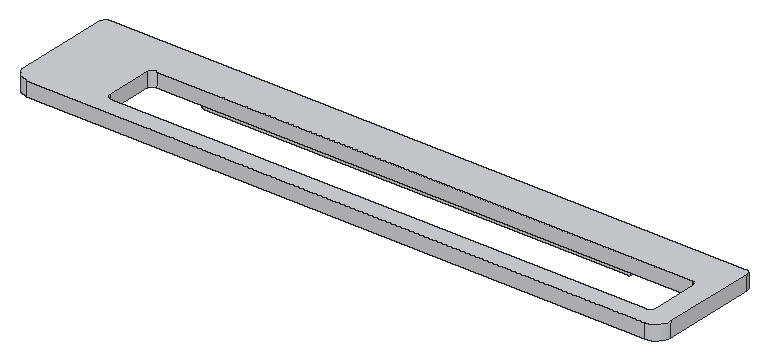
Revit family "Reece_Accessory_Milli_Glance_Single Towel Rail", category Plumbing Fixtures, Revit 2018
Family settings
  Round Connector Dimension = Use Diameter
  Part Type = Normal
  Work Plane-Based = Yes
  Always vertical = Yes
  Cut with Voids When Loaded = Yes
  Shared = Yes
  Room Calculation Point = Yes
Parameters (values of type "240 mm_Brushed Nickel")
  URL = "https://www.reece.com.au/product/-9503864"
  Type Comments = "Accessory"
  Reece_Type = Milli Glance Single Towel Rail 450mm_Nested : Milli Glance Single Towel Rail 450mm_Nested
  Reece_Product_Web Page = "https://www.reece.com.au/product/-9503864"
  Reece_Product_Type = "Accessory"  # constant formula
  Reece_Product_Sub Brand = "Glance"  # constant formula
  Reece_Product_Number = "9503864"
  Reece_Product_Mount = "Wall Mounted"
  Reece_Product_Description = "Milli Glance Single Towel Rail 450mm Chrome"
  Reece_Product_Brand = "Milli"  # constant formula
  Reece_Overall_Width = 450 mm
  Reece_Material_Main = Reece_Brass_Chrome
  Reece_Height_From_Level [instance] = 1000 mm
  Reece_Detail_Shape = ""
  Reece_Detail_Installation = ""
  Reece_Detail_Disclaimer = "THIS FILE IS THE PROPERTY OF THE REECE GROUP. IT MAY NOT BE REPRODUCED, REVERSE-ENGINEERED OR MODIFIED. ANY REPUBLICATION, TRANSMISSION OR DISTRIBUTION FOR THE PURPOSE OF COMMERCIALLY EXPLOITING THE FILES IS PROHIBITED."  # constant formula
  Reece_Detail_Connector = ""
  Reece_Detail_Additional = "Single Towel Rail"  # constant formula
  Reece_Accessory_Projection = 80 mm  # constant formula
  Model = "Glance"
  Manufacturer = "Milli"
  Keynote = "Product #9503864, Reece_Accessory_Milli_Glance_Single Towel Rail - 450 mm_Chrome"
  Disclaimer = "THIS FILE IS THE PROPERTY OF THE REECE GROUP. IT MAY NOT BE REPRODUCED, REVERSE-ENGINEERED OR MODIFIED. ANY REPUBLICATION, TRANSMISSION OR DISTRIBUTION FOR THE PURPOSE OF COMMERCIALLY EXPLOITING THE FILES IS PROHIBITED."  # constant formula
  Description = "Milli Glance Single Towel Rail 450mm Chrome"
  Default Elevation = 0 mm
Types (3, lengths in mm): name | URL | Reece_Type | Reece_Product_Web Page | Reece_Product_Number | Reece_Product_Description | Reece_Overall_Width | Keynote | Description
  (no name) | "https://www.reece.com.au/product/-9508309" | Milli Glance Single Towel Rail 600mm_Nested : Milli Glance Single Towel Rail 600mm_Nested | "https://www.reece.com.au/product/-9508309" | "9508309" | "Milli Glance Single Towel Rail 600mm Brushed Nickel" | 600 | "Product #9508309, Reece_Accessory_Milli_Glance_Single Towel Rail -  " | "Milli Glance Single Towel Rail 600mm Brushed Nickel"
  240 mm_Brushed Nickel | "https://www.reece.com.au/product/-9508307" | Milli Glance Single Towel Rail 240mm_Nested : Milli Glance Single Towel Rail 240mm_Nested | "https://www.reece.com.au/product/-9508307" | "9508307" | "Milli Glance Single Towel Rail 240mm Brushed Nickel" | 235 | "Product #9508307, Reece_Accessory_Milli_Glance_Single Towel Rail - 240 mm_Brushed Nickel" | "Milli Glance Single Towel Rail 240mm Brushed Nickel"
  600 mm_Brushed Nickel | "https://www.reece.com.au/product/-9508309" | Milli Glance Single Towel Rail 600mm_Nested : Milli Glance Single Towel Rail 600mm_Nested | "https://www.reece.com.au/product/-9508309" | "9508309" | "Milli Glance Single Towel Rail 600mm Brushed Nickel" | 600 | "Product #9508309, Reece_Accessory_Milli_Glance_Single Towel Rail - 600 mm_Brushed Nickel" | "Milli Glance Single Towel Rail 600mm Brushed Nickel"
Reference planes
  plane 1 "Center (Front/Back)": y = 0
  plane 2 "Bottom Host Plane": z = -5
  plane 3 "Center (Left/Right)": x = 0
  plane 4 "Fixing Point": z = 1000
  plane 5: x = -225
  plane 6: x = 225
  plane 7: y = -80
Lines and regions (mm)
  model lines, style "InvisibleLines"
    curve 1: line (0, 0, -5) -> (0, 0, 1000)
Text (mm)
  text "Reece ©" at (2753.575, -2015.475, 3247.762), in view "Reece Preview"
  text "Reece Copyright © 2018, Reece Ltd." at (123.936, -200.492, 0), in view "Ref. Level"
Dimensions and locks
  locked: plane 2 "Bottom Host Plane" to level at 5
  "Reece_Height_From_Level": plane 4 "Fixing Point" to level
  "Reece_Overall_Width": plane 5 to plane 6
  equal spacing: plane 5, plane 3 "Center (Left/Right)", plane 6  (x2)
  plane 6 to plane 5 = 450 mm
  equal spacing: plane 6, plane 3 "Center (Left/Right)", plane 5
  plane 5 to plane 6 = 450 mm
  "Reece_Accessory_Projection": plane 1 "Center (Front/Back)" to plane 7  (x2)
Automatic sketch dimensions
  curve 1 to plane 3 "Center (Left/Right)" = 0 mm
  curve 1 to plane 2 "Bottom Host Plane" = 0 mm
  curve 1 to plane 4 "Fixing Point" = 0 mm
Nested families
  nested 1: "Milli Glance Single Towel Rail 450mm_Nested" at (0, -0.067, 1005), type <- "Reece_Type", Reece_Material_Main <- "Reece_Material_Main", type "Milli Glance Single Towel Rail 450mm_Nested"
    with Reece_Material_Main Reece_Brass_Chrome
Definition of nested family "Milli Glance Single Towel Rail 450mm_Nested"
  Parameters (values of type "Milli Glance Single Towel Rail 450mm_Nested")
    Waste Connection = no
    WFU = 0
    Vent Connection = no
    URL = ""
    Type Comments = ""
    Reece_Material_Main [instance] = none
    Model = ""
    Manufacturer = ""
    Keynote = ""
    HWFU = 0
    HW Connection = no
    Description = ""
    Default Elevation = 0 mm
    Cost = 0
    CWFU = 0
    CW Connection = no
    Assembly Code = ""
  Reference planes
    plane 1 "Center (Front/Back)": y = 0
    plane 2 "Bottom Host Plane": z = 0
    plane 3 "Center (Left/Right)": x = 0
    plane 4: x = -225
    plane 5: x = 225
    plane 6: x = -170
    plane 7: x = 210
    plane 8: z = -3.75
    plane 9: z = -25
  Forms (mm)
    Extrusion 1, solid, material <- "Reece_Material_Main"
      sketch origin (0, 0, 0) x (1, 0, 0) y (0, 1, 0)
        loop
          arc (-225, -69.952) -> (-222.072, -77.023) -> (-215.001, -79.952) r 10
          line (-215.001, -79.952) -> (214.999, -80.008)
          arc (214.999, -80.008) -> (222.071, -77.08) -> (225, -70.008) r 10
          line (225, -70.008) -> (225, -4)
          arc (225, -4) -> (223.828, -1.172) -> (221, 0) r 4
          line (221, 0) -> (-221, 0)
          arc (-221, 0) -> (-223.828, -1.172) -> (-225, -4) r 4
          line (-225, -4) -> (-225, -69.952)
      from -10 to 0
    Extrusion 2, void
      sketch origin (0, -17.5, 0) x (1, 0, 0) y (0, 1, 0)
        loop
          arc (206, -50.505) -> (208.828, -49.333) -> (210, -46.505) r 4
          line (210, -46.505) -> (210, -14.505)
          arc (210, -14.505) -> (208.828, -11.677) -> (206, -10.505) r 4
          line (206, -10.505) -> (-166, -10.506)
          arc (-166, -10.506) -> (-168.828, -11.678) -> (-170, -14.506) r 4
          line (-170, -14.506) -> (-170, -46.506)
          arc (-170, -46.506) -> (-168.828, -49.334) -> (-166, -50.506) r 4
          line (-166, -50.506) -> (206, -50.505)
      from -25 to 0
    Extrusion 3, solid, material <- "Reece_Material_Main"
      sketch origin (0, 0, -2.541) x (1, 0, 0) y (0, 0, 1)
        loop
          line (-149.991, -7.459) -> (-149.991, -19.459)
          arc (-149.991, -19.459) -> (-149.112, -21.58) -> (-146.991, -22.459) r 3
          line (-146.991, -22.459) -> (146.992, -22.459)
          arc (146.992, -22.459) -> (149.113, -21.58) -> (149.992, -19.459) r 3
          line (149.992, -19.459) -> (149.992, -7.459) -> (-149.991, -7.459)
        loop
          circle (-131.277, -16.011) r 3.734
        loop
          circle (131.277, -16.011) r 3.734
      from 0 to 10
  Cuts and joins
    Extrusion 2 cuts Extrusion 1
    joined: Extrusion 1, Extrusion 3
  Text (mm)
    text "Reece ©" at (2804.512, -2440.889, 2771.412), in view "Reece Preview"
  Dimensions and locks
    plane 4 to plane 5 = 450 mm  (x2)
    plane 6 to plane 7 = 380 mm  (x2)
    plane 4 to plane 6 = 55 mm
    cut or joined group of Extrusion 1, Extrusion 2, Extrusion 3 to cut or joined group of Extrusion 1, Extrusion 2, Extrusion 3 = 40 mm
    cut or joined group of Extrusion 1, Extrusion 2, Extrusion 3 to plane 1 "Center (Front/Back)" = 79.952 mm
    cut or joined group of Extrusion 1, Extrusion 2, Extrusion 3 to cut or joined group of Extrusion 1, Extrusion 2, Extrusion 3 = 299.982 mm  (x2)
    plane 7 to plane 6 to plane 4 = 380 mm, 55 mm
    plane 5 to plane 4 = 450 mm
    plane 1 "Center (Front/Back)" to cut or joined group of Extrusion 1, Extrusion 2, Extrusion 3 = 79.952 mm
